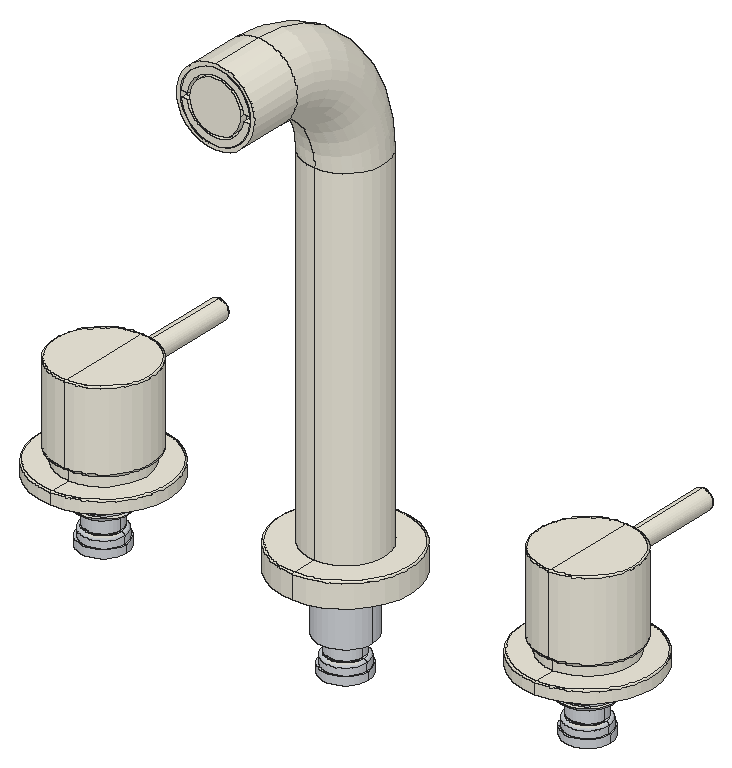
Revit family "Reece_Tap_Sussex_Scala_Curved_Wall Basin Set_32 mm", category Plumbing Fixtures, host Face, Revit 2018
Family settings
  Host = Face
  Round Connector Dimension = Use Diameter
  Part Type = Normal
  Cut with Voids When Loaded = No
  Shared = Yes
  Room Calculation Point = Yes
Parameters (values of type "200 mm_6 Star_PVD Brushed Platinum Gold")
  WFU = 0  # constant formula
  URL = "https://www.reece.com.au/product/-2268302"
  Type Comments = "Tap"
  Reece_Tap_Reach = 200 mm
  Reece_Tap_Inlet = 12 mm  # constant formula
  Reece_Tap_Handle_Vertical_Offset [instance] = 0 mm
  Reece_Tap_Handle_Spacing [instance] = if(Reece_Tap_Axis Distance < 70 mm, 70 mm, if(Reece_Tap_Axis Distance > 70 mm, Reece_Tap_Axis Distance, Reece_Tap_Axis Distance))  # 100 mm
  Reece_Tap_Handle_Height = 43 mm  # constant formula
  Reece_Tap_Clearance = 67 mm  # constant formula
  Reece_Tap_Axis Distance [instance] = 100 mm
  Reece_Product_Web Page = "https://www.reece.com.au/product/-2268302"
  Reece_Product_Type = "Tap"  # constant formula
  Reece_Product_Sub Brand = "Scala"  # constant formula
  Reece_Product_Number = "2268302"
  Reece_Product_Mount = "Wall Mounted"
  Reece_Product_Description = "Sussex Scala 32mm Wall Basin Set Curved 200mm LUX PVD Brushed Platinum Gold (6 Star)"
  Reece_Product_Brand = "Sussex"  # constant formula
  Reece_Overall_Length = Reece_Tap_Reach + 12.5 mm  # 212.5 mm
  Reece_Material_Main = Reece_PVD_Brushed_Platinum Gold
  Reece_Detail_Shape = "Curved"  # constant formula
  Reece_Detail_Disclaimer = "THIS FILE IS THE PROPERTY OF THE REECE GROUP. IT MAY NOT BE REPRODUCED, REVERSE-ENGINEERED OR MODIFIED. ANY REPUBLICATION, TRANSMISSION OR DISTRIBUTION FOR THE PURPOSE OF COMMERCIALLY EXPLOITING THE FILES IS PROHIBITED."  # constant formula
  Reece_Detail_Additional = "Wall Basin Set"  # constant formula
  Reece_Backplate_Thickness = 5 mm  # constant formula
  Model = "Scala"
  Manufacturer = "Sussex"
  Keynote = "Product #2268302, Reece_Tap_Sussex_Scala_Curved_Wall Basin Set_32 mm - 200 mm_6 Star_PVD Brushed Platinum Gold"
  HWFU = 0  # constant formula
  Disclaimer = "THIS FILE IS THE PROPERTY OF THE REECE GROUP. IT MAY NOT BE REPRODUCED, REVERSE-ENGINEERED OR MODIFIED. ANY REPUBLICATION, TRANSMISSION OR DISTRIBUTION FOR THE PURPOSE OF COMMERCIALLY EXPLOITING THE FILES IS PROHIBITED."  # constant formula
  Description = "Scala 32mm Wall Basin Set Curved 200mm LUX PVD Brushed Platinum Gold (6 Star)"
  Default Elevation = 1000 mm
  CWFU = 0  # constant formula
Types (4, lengths in mm): name | URL | Reece_Tap_Reach | Reece_Product_Web Page | Reece_Product_Number | Reece_Product_Description | Reece_Overall_Length | Reece_Material_Main | Keynote | Description
  200 mm_6 Star_Chrome | "https://www.reece.com.au/product/-2262368" | 200 | "https://www.reece.com.au/product/-2262368" | "2262368" | "Sussex Scala 32mm Wall Basin Set Curved 200mm Chrome (6 Star)" | 212.5 | Reece_Brass_Chrome | "Product #2262368, Reece_Tap_Sussex_Scala_Curved_Wall Basin Set_32 mm - 200 mm_6 Star_Chrome" | "Scala 32mm Wall Basin Set Curved 200mm Chrome (6 Star)"
  200 mm_6 Star_PVD Brushed Platinum Gold | "https://www.reece.com.au/product/-2268302" | 200 | "https://www.reece.com.au/product/-2268302" | "2268302" | "Sussex Scala 32mm Wall Basin Set Curved 200mm LUX PVD Brushed Platinum Gold (6 Star)" | 212.5 | Reece_PVD_Brushed_Platinum Gold | "Product #2268302, Reece_Tap_Sussex_Scala_Curved_Wall Basin Set_32 mm - 200 mm_6 Star_PVD Brushed Platinum Gold" | "Scala 32mm Wall Basin Set Curved 200mm LUX PVD Brushed Platinum Gold (6 Star)"
  250 mm_6 Star_Chrome | "https://www.reece.com.au/product/-2262369" | 250 | "https://www.reece.com.au/product/-2262369" | "2262369" | "Sussex Scala 32mm Wall Basin Set Curved 250mm Chrome (6 Star)" | 262.5 | Reece_Brass_Chrome | "Product #2262369, Reece_Tap_Sussex_Scala_Curved_Wall Basin Set_32 mm - 250 mm_6 Star_Chrome" | "Scala 32mm Wall Basin Set Curved 250mm Chrome (6 Star)"
  250 mm_6 Star_PVD Brushed Platinum Gold | "https://www.reece.com.au/product/-2268303" | 250 | "https://www.reece.com.au/product/-2268303" | "2268303" | "Sussex Scala 32mm Wall Basin Set Curved 250mm LUX PVD Brushed Platinum Gold (6 Star)" | 262.5 | Reece_PVD_Brushed_Platinum Gold | "Product #2268303, Reece_Tap_Sussex_Scala_Curved_Wall Basin Set_32 mm - 250 mm_6 Star_PVD Brushed Platinum Gold" | "Scala 32mm Wall Basin Set Curved 250mm LUX PVD Brushed Platinum Gold (6 Star)"
Reference planes
  plane 1 "Center (Front/Back)": y = 0
  plane 2 "Bottom": z = 0
  plane 3 "Center (Left/Right)": x = 0
  plane 4: z = 200
  plane 5: y = -67
  plane 6: z = 212.5
  plane 7: x = 100
  plane 8: x = -100
  plane 9: z = 43
  plane 10: x = -73
  plane 11: x = -127
  plane 12: x = -27
  plane 13: x = 27
  plane 14: x = -12.5
  plane 15: x = 12.5
  plane 16: y = 0
  plane 17: z = 5
Forms (mm)
  Revolve 1, solid
    sketch origin (28.901, 0, 1219.2) x (1, 0, 0) y (0, 0, 1)
      loop
        line (-130.291, -1249.229) -> (-128.901, -1249.229) -> (-128.901, -1219.2) -> (-140.374, -1219.2) -> (-140.374, -1222.813) -> (-139.398, -1223.187) -> (-139.398, -1223.987) -> (-140.37, -1224.549) -> (-139.398, -1225.023) -> (-139.398, -1225.823) -> (-140.359, -1226.378) -> (-139.398, -1226.846) -> (-139.398, -1227.646) -> (-140.366, -1228.205) -> (-139.398, -1228.616) -> (-139.398, -1229.416) -> (-140.275, -1229.923) -> (-139.166, -1231.032) -> (-136.181, -1231.032) -> (-136.181, -1237.729) -> (-135.615, -1238.294) -> (-136.415, -1238.294)
        arc (-136.415, -1238.294) -> (-137.255, -1238.642) -> (-137.603, -1239.482) r 1.188
        line (-137.603, -1239.482) -> (-137.603, -1242.245) -> (-138.403, -1242.245) -> (-138.403, -1245.49) -> (-132.464, -1245.49) -> (-130.291, -1249.229)
      axis (-128.901, -1219.2) -> (-128.901, -1249.229)
    angle from 0 to 360
  Revolve 2, solid
    sketch origin (168.901, 0, 1219.2) x (1, 0, 0) y (0, 0, 1)
      loop
        line (-70.291, -1249.229) -> (-68.901, -1249.229) -> (-68.901, -1219.2) -> (-80.374, -1219.2) -> (-80.374, -1222.813) -> (-79.398, -1223.187) -> (-79.398, -1223.987) -> (-80.37, -1224.549) -> (-79.398, -1225.023) -> (-79.398, -1225.823) -> (-80.359, -1226.378) -> (-79.398, -1226.846) -> (-79.398, -1227.646) -> (-80.366, -1228.205) -> (-79.398, -1228.616) -> (-79.398, -1229.416) -> (-80.275, -1229.923) -> (-79.166, -1231.032) -> (-76.181, -1231.032) -> (-76.181, -1237.729) -> (-75.615, -1238.294) -> (-76.415, -1238.294)
        arc (-76.415, -1238.294) -> (-77.255, -1238.642) -> (-77.603, -1239.482) r 1.188
        line (-77.603, -1239.482) -> (-77.603, -1242.245) -> (-78.403, -1242.245) -> (-78.403, -1245.49) -> (-72.464, -1245.49) -> (-70.291, -1249.229)
      axis (-68.901, -1219.2) -> (-68.901, -1249.229)
    angle from 0 to 360
  Revolve 3, void
    sketch origin (100, 0, 0) x (1, 0, 0) y (0, 0, 1)
      loop
        line (-100, 0) -> (-100, -25) -> (-85, -25) -> (-85, 0) -> (-100, 0)
      axis (-100, 0) -> (-100, -25)
    angle from 0 to 360
  Revolve 4, solid
    sketch origin (128.901, 0, 1219.2) x (1, 0, 0) y (0, 0, 1)
      loop
        line (-130.291, -1261.136) -> (-128.901, -1261.136) -> (-128.901, -1219.2) -> (-140.374, -1219.2) -> (-140.374, -1242.939) -> (-136.181, -1242.939) -> (-136.181, -1249.636) -> (-135.615, -1250.202) -> (-136.415, -1250.202)
        arc (-136.415, -1250.202) -> (-137.255, -1250.55) -> (-137.603, -1251.39) r 1.188
        line (-137.603, -1251.39) -> (-137.603, -1254.152) -> (-138.403, -1254.152) -> (-138.403, -1257.398) -> (-132.464, -1257.398) -> (-130.291, -1261.136)
      axis (-128.901, -1219.2) -> (-128.901, -1261.136)
    angle from 0 to 360
  Extrusion 5, void
    sketch origin (0, 60, 0) x (1, 0, 0) y (0, 1, 0)
      loop
        circle (-100, -60) r 15
    from -46.469 to 0
  Extrusion 6, void
    sketch origin (0, -20, 0) x (-1, 0, 0) y (0, -1, 0)
      loop
        circle (-100, -20) r 15
    from -46.469 to 0
Cuts and joins
  Revolve 3, Extrusion 6 cuts Revolve 1
Text (mm)
  text "Reece Copyright © 2018, Reece Ltd." at (-195.976, -180.714, 0), in view "Ref. Level"
  text "Reece ©" at (69.347, 211.464, 119.896), in view "Reece Preview"
Dimensions and locks
  "Reece_Tap_Reach": plane 4 to plane 2 "Bottom"
  "Reece_Overall_Length": plane 6 to plane 2 "Bottom"
  equal spacing: plane 8, plane 3 "Center (Left/Right)", plane 7
  plane 8 to plane 7 = 200 mm
  "Reece_Tap_Handle_Height": plane 9 to plane 2 "Bottom"
  "Reece_Tap_Clearance": plane 1 "Center (Front/Back)" to plane 5
  plane 9 to host face = 43 mm
  plane 11 to plane 10 = 54 mm
  equal spacing: plane 11, plane 8, plane 10
  plane 12 to plane 13 = 54 mm
  plane 6 to plane 4 = 12.5 mm
  "Reece_Tap_Handle_Spacing": plane 8 to plane 3 "Center (Left/Right)"
  "Reece_Tap_Handle_Spacing": plane 3 "Center (Left/Right)" to plane 7
  plane 5 to plane 1 "Center (Front/Back)" = 67 mm
  "Reece_Tap_Handle_Vertical_Offset": plane 1 "Center (Front/Back)" to plane 16
  "Reece_Backplate_Thickness": plane 17 to plane 2 "Bottom"
  aligned and locked: plane 2 "Bottom" to host face
  aligned and locked: level to host face
  aligned and locked: nested 1 to plane 8
  aligned and locked: plane 7 to nested 2  (x2)
  aligned and locked: plane 8 to Revolve 1 sketch curve
  aligned and locked: Revolve 2 sketch curve to plane 7
  aligned and locked: nested 1 to plane 16
  aligned and locked: nested 2 to plane 16
  aligned and locked: plane 16 to Revolve 2
  aligned and locked: plane 16 to cut or joined group of Revolve 1, Revolve 3, Extrusion 6
  aligned and locked: plane 16 to Extrusion 5
  aligned and locked: plane 3 "Center (Left/Right)" to nested 3
  aligned and locked: plane 1 "Center (Front/Back)" to nested 3
Automatic sketch dimensions
  host sketch curve to host sketch curve = 369.315 mm
  host sketch curve to host sketch curve = 269.653 mm
  Revolve 1 sketch curve to level = 0 mm
  plane 8 to Revolve 1 sketch curve = 0 mm
  plane 8 to Revolve 1 sketch curve = 1.39 mm
  plane 8 to Revolve 1 sketch curve = 3.563 mm
  plane 8 to Revolve 1 sketch curve = 6.714 mm
  plane 8 to Revolve 1 sketch curve = 7.28 mm
  Revolve 1 sketch curve to Revolve 1 sketch curve = 0.8 mm  (x6)
  Revolve 1 sketch curve to Revolve 1 sketch curve = 1.188 mm
  Revolve 1 sketch curve to Revolve 1 sketch curve = 2.986 mm
  Revolve 1 sketch curve to Revolve 1 sketch curve = 0.231 mm  (x2)
  Revolve 1 sketch curve to Revolve 1 sketch curve = 0 mm  (x2)
  Revolve 1 sketch curve to level = 3.987 mm
  Revolve 1 sketch curve to Revolve 1 sketch curve = 0.878 mm
  Revolve 1 sketch curve to Revolve 1 sketch curve = 0.961 mm
  Revolve 1 sketch curve to Revolve 1 sketch curve = 0.968 mm
  Revolve 1 sketch curve to level = 5.349 mm
  Revolve 1 sketch curve to Revolve 1 sketch curve = 0.972 mm
  Revolve 1 sketch curve to level = 3.612 mm
  Revolve 1 sketch curve to Revolve 1 sketch curve = 0.977 mm
  Revolve 1 sketch curve to Revolve 1 sketch curve = 0.474 mm
  Revolve 1 sketch curve to Revolve 1 sketch curve = 0.555 mm
  Revolve 1 sketch curve to Revolve 1 sketch curve = 1.023 mm
  Revolve 1 sketch curve to Revolve 1 sketch curve = 0.559 mm
  Revolve 1 sketch curve to Revolve 1 sketch curve = 0.97 mm
  Revolve 1 sketch curve to Revolve 1 sketch curve = 0.507 mm
  Revolve 1 sketch curve to Revolve 1 sketch curve = 1.615 mm
  Revolve 1 sketch curve to Revolve 1 sketch curve = 6.697 mm
  Revolve 1 sketch curve to Revolve 1 sketch curve = 0.566 mm
  Revolve 1 sketch curve to Revolve 1 sketch curve = 2.762 mm
  Revolve 1 sketch curve to Revolve 1 sketch curve = 3.246 mm
  Revolve 1 sketch curve to Revolve 1 sketch curve = 3.739 mm
  Revolve 1 sketch curve to Revolve 1 sketch curve = 7.488 mm
  level to Revolve 1 sketch curve = 8.93 mm
  Revolve 2 sketch curve to level = 0 mm
  plane 7 to Revolve 2 sketch curve = 0 mm
  Revolve 2 sketch curve to Revolve 2 sketch curve = 1.39 mm
  Revolve 2 sketch curve to plane 7 = 3.563 mm
  Revolve 2 sketch curve to plane 7 = 6.714 mm
  Revolve 2 sketch curve to plane 7 = 7.28 mm
  Revolve 2 sketch curve to Revolve 2 sketch curve = 0.8 mm  (x6)
  Revolve 2 sketch curve to Revolve 2 sketch curve = 1.188 mm
  Revolve 2 sketch curve to Revolve 2 sketch curve = 2.986 mm
  Revolve 2 sketch curve to Revolve 2 sketch curve = 0.231 mm  (x2)
  Revolve 2 sketch curve to Revolve 2 sketch curve = 0 mm  (x2)
  Revolve 2 sketch curve to level = 3.987 mm
  Revolve 2 sketch curve to Revolve 2 sketch curve = 0.878 mm
  Revolve 2 sketch curve to Revolve 2 sketch curve = 0.961 mm
  Revolve 2 sketch curve to Revolve 2 sketch curve = 0.968 mm
  Revolve 2 sketch curve to level = 5.349 mm
  Revolve 2 sketch curve to Revolve 2 sketch curve = 0.972 mm
  Revolve 2 sketch curve to level = 3.612 mm
  Revolve 2 sketch curve to Revolve 2 sketch curve = 0.977 mm
  Revolve 2 sketch curve to Revolve 2 sketch curve = 0.474 mm
  Revolve 2 sketch curve to Revolve 2 sketch curve = 0.555 mm
  Revolve 2 sketch curve to Revolve 2 sketch curve = 1.023 mm
  Revolve 2 sketch curve to Revolve 2 sketch curve = 0.559 mm
  Revolve 2 sketch curve to Revolve 2 sketch curve = 0.97 mm
  Revolve 2 sketch curve to Revolve 2 sketch curve = 0.507 mm
  Revolve 2 sketch curve to Revolve 2 sketch curve = 1.615 mm
  Revolve 2 sketch curve to Revolve 2 sketch curve = 6.697 mm
  Revolve 2 sketch curve to Revolve 2 sketch curve = 0.566 mm
  Revolve 2 sketch curve to Revolve 2 sketch curve = 2.762 mm
  Revolve 2 sketch curve to Revolve 2 sketch curve = 3.246 mm
  Revolve 2 sketch curve to Revolve 2 sketch curve = 3.739 mm
  Revolve 2 sketch curve to Revolve 2 sketch curve = 7.488 mm
  level to Revolve 2 sketch curve = 8.93 mm
  Revolve 3 sketch curve to level = 0 mm
  Revolve 3 sketch curve to plane 3 "Center (Left/Right)" = 0 mm  (x2)
  plane 15 to Revolve 3 sketch curve = 2.5 mm
  Revolve 3 sketch curve to Revolve 3 sketch curve = 25 mm
  Revolve 3 sketch curve to Revolve 3 sketch curve = 10 mm
  Revolve 3 sketch curve to Revolve 3 sketch curve = 40 mm
  Revolve 4 sketch curve to level = 0 mm
  Revolve 4 sketch curve to plane 3 "Center (Left/Right)" = 0 mm  (x2)
  Revolve 4 sketch curve to plane 3 "Center (Left/Right)" = 1.39 mm
  Revolve 4 sketch curve to plane 3 "Center (Left/Right)" = 3.563 mm
  Revolve 4 sketch curve to plane 14 = 5.786 mm
  Revolve 4 sketch curve to Revolve 4 sketch curve = 0.566 mm  (x2)
  Revolve 4 sketch curve to Revolve 4 sketch curve = 0.8 mm  (x2)
  Revolve 4 sketch curve to Revolve 4 sketch curve = 1.188 mm
  Revolve 4 sketch curve to plane 14 = 1.027 mm
  Revolve 4 sketch curve to level = 23.739 mm
  Revolve 4 sketch curve to Revolve 4 sketch curve = 6.697 mm
  Revolve 4 sketch curve to Revolve 4 sketch curve = 2.762 mm
  Revolve 4 sketch curve to Revolve 4 sketch curve = 3.246 mm
  Revolve 4 sketch curve to Revolve 4 sketch curve = 3.739 mm
  Revolve 4 sketch curve to Revolve 4 sketch curve = 0.681 mm
  level to Revolve 4 sketch curve = 8.93 mm
  Extrusion 5 sketch curve to plane 8 = 0 mm
  Extrusion 5 sketch curve to plane 16 = 0 mm
  Extrusion 6 sketch curve to plane 7 = 0 mm
  Extrusion 6 sketch curve to plane 16 = 0 mm
  radius of Extrusion 5 sketch curve = 15 mm
  radius of Extrusion 6 sketch curve = 15 mm
Nested families
  nested 1: "Reece_Tap_Sussex_Scala_Set_Mixer_Nested" at (-100, 0, 0), Reece_Material_Main <- "Reece_Material_Main", Reece_Backplate_Thickness <- "Reece_Backplate_Thickness", Reece_Tap_Handle_Height <- "Reece_Tap_Handle_Height", type "Reece_Tap_Sussex_Scala_Set_Mixer_Nested"
    with Reece_Tap_Handle_Height 43 mm, Reece_Material_Main Reece_PVD_Brushed_Platinum Gold, Reece_Backplate_Thickness 5 mm
  nested 2: "Reece_Tap_Sussex_Scala_Set_Mixer_Nested" at (100, 0, 0), Reece_Material_Main <- "Reece_Material_Main", Reece_Backplate_Thickness <- "Reece_Backplate_Thickness", Reece_Tap_Handle_Height <- "Reece_Tap_Handle_Height", type "Reece_Tap_Sussex_Scala_Set_Mixer_Nested"
    with Reece_Tap_Handle_Height 43 mm, Reece_Material_Main Reece_PVD_Brushed_Platinum Gold, Reece_Backplate_Thickness 5 mm
  nested 3: "Reece_Tap_Sussex_Scala_Curved_32 mm_Nested" at (0, 0, 0), Reece_Backplate_Thickness <- "Reece_Backplate_Thickness", Reece_Tap_Clearance <- "Reece_Tap_Clearance", Reece_Tap_Reach <- "Reece_Tap_Reach", Reece_Material_Main <- "Reece_Material_Main", type "Reece_Tap_Sussex_Scala_Curved_32 mm_Nested"
    with Reece_Tap_Reach 200 mm, Reece_Tap_Clearance 67 mm, Reece_Overall_Length 212.5 mm, Reece_Material_Main Reece_PVD_Brushed_Platinum Gold, Reece_Backplate_Thickness 5 mm
Connectors
  piping at (100, 0, -26.29), diameter 12, driven by "Reece_Tap_Inlet"
    settings: on Revolve 2, index 1, connector inside diameter 609.6 mm, connector length 0 mm, flow factor 0, pipe flow 0.0 L/s, pressure drop 0.0 Pa, fitting loss kfactor 0, connector angle 0.00°, fixture units 0, engagement length 0 mm, angle of deflection 0.00°, flow configuration 0, flow direction 1, fitting loss method 0, system type 29, joint type 0, gender type 0, connector reference index -1, connector utility 0, adjustable connector no, is connector primary yes, connector description ""
  piping at (0, 0, -38.198), diameter 12, driven by "Reece_Tap_Inlet"
    settings: on Revolve 4, index 2, connector inside diameter 609.6 mm, connector length 0 mm, flow factor 0, pipe flow 0.0 L/s, pressure drop 0.0 Pa, fitting loss kfactor 0, connector angle 0.00°, fixture units 0, engagement length 0 mm, angle of deflection 0.00°, flow configuration 0, flow direction 1, fitting loss method 0, system type 29, joint type 0, gender type 0, connector reference index -1, connector utility 0, adjustable connector no, is connector primary no, connector description ""
  piping at (-100, 0, -26.29), diameter 12, driven by "Reece_Tap_Inlet"
    settings: on cut or joined group of Revolve 1, Revolve 3, Extrusion 6, index 3, connector inside diameter 609.6 mm, connector length 0 mm, flow factor 0, pipe flow 0.0 L/s, pressure drop 0.0 Pa, fitting loss kfactor 0, connector angle 0.00°, fixture units 0, engagement length 0 mm, angle of deflection 0.00°, flow configuration 0, flow direction 1, fitting loss method 0, system type 29, joint type 0, gender type 0, connector reference index -1, connector utility 0, adjustable connector no, is connector primary no, connector description ""
Definition of nested family "Reece_Tap_Sussex_Scala_Set_Mixer_Nested"
  Parameters (values of type "Reece_Tap_Sussex_Scala_Set_Mixer_Nested")
    Waste Connection = no
    WFU = 0
    Vent Connection = no
    URL = ""
    Type Comments = ""
    Reece_Tap_Handle_Height [instance] = 45 mm
    Reece_Material_Main [instance] = none
    Reece_Backplate_Thickness [instance] = 3 mm
    Model = ""
    Manufacturer = ""
    Keynote = ""
    HWFU = 0
    HW Connection = no
    Description = ""
    Default Elevation = 0 mm
    Cost = 0
    CWFU = 0
    CW Connection = no
    Assembly Code = ""
  Reference planes
    plane 1 "Center (Front/Back)": y = 0
    plane 2 "Bottom": z = 0
    plane 3 "Center (Left/Right)": x = 0
    plane 4: y = -27
    plane 5: y = 27
    plane 6: y = -20
    plane 7: y = 20
    plane 8: z = 36.5
    plane 9: x = -27
    plane 10: x = 27
    plane 11: y = 60
    plane 12: z = 45
    plane 13: z = 3
  Forms (mm)
    Extrusion 1, solid
      sketch origin (619.2, -619.2, 0) x (1, 0, 0) y (0, 1, 0)
        loop
          line (-809.2, 779.2) -> (-809.2, 461.779) -> (-428.415, 461.779) -> (-428.415, 779.2) -> (-809.2, 779.2)
      from 0 to -9.564
    Revolve 2, solid, material <- "Reece_Material_Main"
      sketch origin (0, 0, 0) x (0, 1, 0) y (0, 0, 1)
        loop
          line (0, 0) -> (0, 45) -> (-19.5, 45)
          arc (-19.5, 45) -> (-19.854, 44.854) -> (-20, 44.5) r 0.5
          line (-20, 44.5) -> (-20, 8.5)
          arc (-20, 8.5) -> (-19.854, 8.146) -> (-19.5, 8) r 0.5
          line (-19.5, 8) -> (-17.75, 8) -> (-17.75, 3) -> (-26.5, 3)
          arc (-26.5, 3) -> (-26.854, 2.854) -> (-27, 2.5) r 0.5
          line (-27, 2.5) -> (-27, 0) -> (0, 0)
        axis (0, 45) -> (0, 0)
      angle from 0 to 360
    Revolve 3, solid, material <- "Reece_Material_Main"
      sketch origin (0, 0, 0) x (0, -1, 0) y (0, 0, -1)
        loop
          line (0, -36.5) -> (-60, -36.5) -> (-60, -40)
          arc (-60, -40) -> (-59.854, -40.354) -> (-59.5, -40.5) r 0.5
          line (-59.5, -40.5) -> (0, -40.5) -> (0, -36.5)
        axis (0, -36.5) -> (-60, -36.5)
      angle from 0 to 360
  Cuts and joins
    joined: Revolve 2, Revolve 3
  Text (mm)
    text "Reece Copyright © 2018, Reece Ltd." at (-1403.988, -1192.393, 0), in view "Ref. Level"
    text "Reece ©" at (44.384, 258.95, 192.345), in view "Reece Preview"
  Dimensions and locks
    locked: plane 12 to plane 8 at 8.5
    "Reece_Backplate_Thickness": plane 13 to plane 2 "Bottom"
    "Reece_Tap_Handle_Height": plane 12 to plane 2 "Bottom"
    plane 11 to plane 6 = 80 mm
    aligned and locked: plane 2 "Bottom" to Extrusion 1
    aligned and locked: level to Extrusion 1
    aligned and locked: Revolve 2 sketch curve to plane 12
    aligned and locked: plane 13 to Revolve 2 sketch curve
  Automatic sketch dimensions
    Extrusion 1 sketch curve to Extrusion 1 sketch curve = 380.785 mm
    Extrusion 1 sketch curve to Extrusion 1 sketch curve = 317.421 mm
    plane 8 to Revolve 3 sketch curve = 0 mm
    Revolve 3 sketch curve to plane 11 = 0 mm
    Revolve 3 sketch curve to plane 8 = 0 mm
    Revolve 3 sketch curve to plane 1 "Center (Front/Back)" = 0 mm
    plane 11 to Revolve 3 sketch curve = 0.5 mm
    plane 8 to Revolve 3 sketch curve = 3.5 mm
    Revolve 3 sketch curve to plane 1 "Center (Front/Back)" = 5 mm
    Revolve 3 sketch curve to Revolve 3 sketch curve = 5 mm
    level to Revolve 2 sketch curve = 0 mm
    Revolve 2 sketch curve to plane 4 = 0 mm
    Revolve 2 sketch curve to plane 6 = 0 mm
    Revolve 2 sketch curve to plane 1 "Center (Front/Back)" = 0 mm  (x2)
    plane 4 to Revolve 2 sketch curve = 0.5 mm
    Revolve 2 sketch curve to Revolve 2 sketch curve = 0.5 mm  (x2)
    Revolve 2 sketch curve to Revolve 2 sketch curve = 1.75 mm
    Revolve 2 sketch curve to Revolve 2 sketch curve = 5 mm
    Revolve 2 sketch curve to level = 20 mm
    plane 13 to Revolve 2 sketch curve = 10 mm
Definition of nested family "Reece_Tap_Sussex_Scala_Curved_32 mm_Nested"
  Parameters (values of type "Reece_Tap_Sussex_Scala_Curved_32 mm_Nested")
    Waste Connection = no
    WFU = 0
    Vent Connection = no
    URL = ""
    Type Comments = ""
    Reece_Tap_Reach [instance] = 200 mm
    Reece_Tap_Clearance [instance] = 67 mm
    Reece_Overall_Length [instance] = Reece_Tap_Reach + 12.5 mm  # 212.5 mm
    Reece_Material_Main [instance] = none
    Reece_Backplate_Thickness [instance] = 5 mm
    Model = ""
    Manufacturer = ""
    Keynote = ""
    HWFU = 0
    HW Connection = no
    Description = ""
    Default Elevation = 0 mm
    Cost = 0
    CWFU = 0
    CW Connection = no
    Assembly Code = ""
  Reference planes
    plane 1 "Center (Front/Back)": y = 0
    plane 2 "Bottom": z = 0
    plane 3 "Center (Left/Right)": x = 0
    plane 4: z = 200
    plane 5: y = -67
    plane 6: z = 212.5
    plane 7: x = 100
    plane 8: x = -100
    plane 9: z = 43
    plane 10: x = -73
    plane 11: x = -127
    plane 12: x = -27
    plane 13: x = 27
    plane 14: x = -12.5
    plane 15: x = 12.5
    plane 16: y = 0
    plane 17: z = 5
  Forms (mm)
    Extrusion 1, solid
      sketch origin (609.2, -664.2, 0) x (1, 0, 0) y (0, 1, 0)
        loop
          line (-797.73, 779.2) -> (-797.73, 509.547) -> (-428.415, 509.547) -> (-428.415, 779.2) -> (-797.73, 779.2)
      from 0 to -9.564
    Sweep 2, solid, material <- "Reece_Material_Main"
      path origin (0, 0, 0) x (0, 1, 0) y (0, 0, 1)
        loop
          line (0, 8.917) -> (0, 155)
          arc (0, 155) -> (-13.18, 186.82) -> (-45, 200) r 45
          line (-45, 200) -> (-67, 200)
      profile origin (0, 0, 81.959) x (0, -1, 0) y (1, 0, 0)
        loop
          circle (0, 0) r 16
        loop
          circle (0, 0) r 14.5
    Extrusion 3, solid, material <- "Reece_Material_Main"
      sketch origin (0, 0, 0) x (1, 0, 0) y (0, 0, 1)
        loop
          circle (0, 200) r 10.535
        loop
          line (-14.201, 201.337) -> (-11.513, 201.337)
          arc (-11.513, 201.337) -> (0, 211.59) -> (11.513, 201.337) r 11.59
          line (11.513, 201.337) -> (14.201, 201.337)
          arc (14.201, 201.337) -> (0, 214.264) -> (-14.201, 201.337) r 14.264
        loop
          arc (-14.201, 198.663) -> (0, 185.736) -> (14.201, 198.663) r 14.264
          line (14.201, 198.663) -> (11.513, 198.663)
          arc (11.513, 198.663) -> (0, 188.41) -> (-11.513, 198.663) r 11.59
          line (-11.513, 198.663) -> (-14.201, 198.663)
      from 64.455 to 67
    Extrusion 4, solid, material <- "Reece_Material_Main"
      sketch origin (0, 0, 0) x (1, 0, 0) y (0, 0, 1)
        loop
          circle (0, 200) r 14.5
      from 62.863 to 64.455
    Revolve 5, solid, material <- "Reece_Material_Main"
      sketch origin (0, 0, 0) x (0, 1, 0) y (0, 0, 1)
        loop
          line (0, 0) -> (0, 8.917) -> (-16.209, 8.917) -> (-16.209, 10) -> (-26.4, 10)
          arc (-26.4, 10) -> (-26.824, 9.824) -> (-27, 9.4) r 0.6
          line (-27, 9.4) -> (-27, 0) -> (0, 0)
        axis (0, 10) -> (0, 0)
      angle from 0 to 360
  Cuts and joins
    joined: Sweep 2, Extrusion 3, Extrusion 4
  Text (mm)
    text "Reece Copyright © 2018, Reece Ltd." at (-195.976, -180.714, 0), in view "Ref. Level"
    text "Reece ©" at (69.347, 211.464, 119.896), in view "Reece Preview"
  Dimensions and locks
    "Reece_Tap_Reach": plane 4 to plane 2 "Bottom"
    "Reece_Overall_Length": plane 6 to plane 2 "Bottom"
    equal spacing: plane 8, plane 3 "Center (Left/Right)", plane 7
    plane 8 to plane 7 = 200 mm
    plane 9 to plane 2 "Bottom" = 43 mm
    "Reece_Tap_Clearance": plane 1 "Center (Front/Back)" to plane 5
    plane 9 to Extrusion 1 = 43 mm
    plane 11 to plane 10 = 54 mm
    equal spacing: plane 11, plane 8, plane 10
    plane 12 to plane 13 = 54 mm
    plane 6 to plane 4 = 12.5 mm
    plane 8 to plane 3 "Center (Left/Right)" = 100 mm
    plane 3 "Center (Left/Right)" to plane 7 = 100 mm
    plane 5 to plane 1 "Center (Front/Back)" = 67 mm
    plane 1 "Center (Front/Back)" to plane 16 = 0 mm
    "Reece_Backplate_Thickness": plane 17 to plane 2 "Bottom"
    aligned and locked: plane 2 "Bottom" to Extrusion 1
    aligned and locked: level to Extrusion 1
    aligned and locked: plane 1 "Center (Front/Back)" to Sweep 2 sketch curve
    aligned and locked: Sweep 2 sketch curve to plane 4
  Automatic sketch dimensions
    Extrusion 1 sketch curve to Extrusion 1 sketch curve = 369.315 mm
    Extrusion 1 sketch curve to Extrusion 1 sketch curve = 269.653 mm
    Sweep 2 sketch curve to plane 5 = 0 mm
    Sweep 2 sketch curve to Sweep 2 sketch curve = 22 mm
    level to Sweep 2 sketch curve = 8.917 mm
    Sweep 2 sketch curve to Sweep 2 sketch curve = 0 mm  (x2)
    Sweep 2 sketch curve to plane 3 "Center (Left/Right)" = 0 mm
    Sweep 2 sketch curve to profile plane = 0 mm
    Extrusion 4 sketch curve to plane 3 "Center (Left/Right)" = 0 mm
    Extrusion 4 sketch curve to plane 4 = 0 mm
    Extrusion 3 sketch curve to Extrusion 3 sketch curve = 0 mm  (x20)
    Extrusion 3 sketch curve to plane 3 "Center (Left/Right)" = 0 mm
    Extrusion 3 sketch curve to plane 4 = 0 mm
    Extrusion 3 sketch curve to plane 14 = 0.987 mm  (x2)
    plane 14 to Extrusion 3 sketch curve = 1.701 mm  (x2)
    Extrusion 3 sketch curve to plane 15 = 0.987 mm  (x2)
    Extrusion 3 sketch curve to plane 4 = 1.337 mm
    plane 4 to Extrusion 3 sketch curve = 1.337 mm
    level to Revolve 5 sketch curve = 0 mm
    Revolve 5 sketch curve to plane 1 "Center (Front/Back)" = 0 mm  (x2)
    plane 1 "Center (Front/Back)" to Revolve 5 sketch curve = 16.209 mm
    Revolve 5 sketch curve to Revolve 5 sketch curve = 10.191 mm
    Revolve 5 sketch curve to Revolve 5 sketch curve = 0.6 mm
    Revolve 5 sketch curve to Revolve 5 sketch curve = 8.917 mm
    Revolve 5 sketch curve to Revolve 5 sketch curve = 9.4 mm
    Revolve 5 sketch curve to level = 12.434 mm
    Revolve 5 sketch curve to Revolve 5 sketch curve = 2.566 mm
    radius of Sweep 2 sketch curve = 16 mm
    radius of Sweep 2 sketch curve = 14.5 mm
    radius of Extrusion 4 sketch curve = 14.5 mm
    radius of Extrusion 3 sketch curve = 10.535 mm
